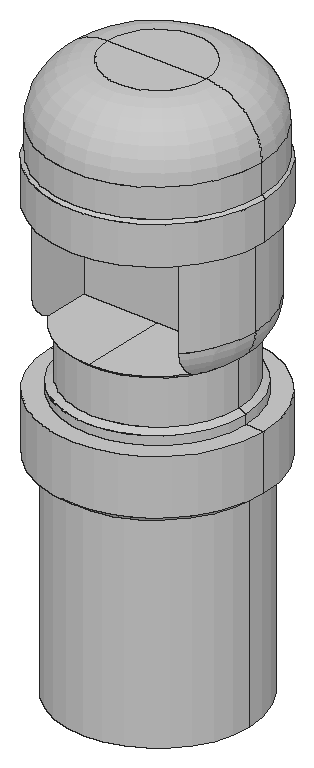
Revit family "HL_Вентиляционный клапан_HL904", category Příslušenství trubek, Revit 2016
Family settings
  Typ součásti = Ventil – zalomení do
  Kóta kulaté spojky = Použít průměr
  Číslo OmniClass = 23.70.50.21
  Nadpis OmniClass = Liquid Waste Collection and Removal
  Založené na pracovní rovině = Ne
  Vždy vertikální = Ano
  Ořezat dutým tvarem při načtení = Ne
  Sdílené = Ne
Parameters (values of type "HL_Вентиляционный клапан_HL904")
  РАЗМЕР = "DN32/40/50"
  ПРОПУСКНАЯ СПОСОБНОСТЬ = 0.0 m³/h
  ПРОИЗВОДИТЕЛЬНОСТЬ = "5,5 l/s"
  ПРАВОВАЯ ИНФОРМАЦИЯ = "\"Авторские права(©), права на дизайн или какие либо другие права интелектуальной собственности являются исключительной собственностью компании HL Hutterer & Lechner. Изменению не подлежит. Файл семейства с данными о прозводителе изделия защищен паролем с водяным знаком.\""
  НОМИНАЛЬНЫЙ ДИАМЕТР [instance] = 50 mm
  МАТЕРИАЛ = "PP"
  ВЕС = "0,075 kg"
  x [instance] = if(НОМИНАЛЬНЫЙ ДИАМЕТР = 50 mm, 5 mm, if(НОМИНАЛЬНЫЙ ДИАМЕТР = 32 mm, 5 mm, if(НОМИНАЛЬНЫЙ ДИАМЕТР = 40 mm, 5 mm, -10 mm)))  # 5 mm
  b [instance] = DN50  # yes
  a [instance] = if(НОМИНАЛЬНЫЙ ДИАМЕТР = 50 mm, 153 mm, 97 mm)  # 153 mm
  Výrobce = "HL Hutterer & Lechner GmbH"
  URL = "http://www.hutterer-lechner.com/ru/products/catalog/roof-drains/HL904.aspx"
  Popis = "Вентиляционный клапан"
  Model = "HL904"
  материал = Plactic - Gray
  Komentáře k typům = "Вентиляционный клапан DN40"
  Keynote = "HL904"
  EAN = "9003076909049"
  DN50 [instance] = НОМИНАЛЬНЫЙ ДИАМЕТР = 50 mm  # yes
  DN40 [instance] = НОМИНАЛЬНЫЙ ДИАМЕТР = 40 mm  # no
  DN32 [instance] = НОМИНАЛЬНЫЙ ДИАМЕТР = 32 mm  # no
  Cena = 0
Reference planes
  plane 1 "Střed (vpředu/vzadu)": y = 0
  plane 2: z = 0
  plane 3 "Střed (vlevo/vpravo)": x = 0
  plane 4: z = 97
Forms (mm)
  Revolve 1, solid, material "Plactic - Gray" <- "материал", detail levels fine
    sketch origin (0, 0, 0) x (1, 0, 0) y (0, 0, 1)
      loop
        line (0, 97) -> (0, 0) -> (23.874, 0) -> (23.874, 19.25) -> (22.016, 20.323) -> (22.016, 32.239)
        arc (22.016, 32.239) -> (25.341, 35.772) -> (26.576, 40.464) r 9.848
        line (26.576, 40.464) -> (26.576, 63.02) -> (29.052, 63.02) -> (29.052, 73.366) -> (28.248, 74.17) -> (28.248, 82.021)
        arc (28.248, 82.021) -> (23.86, 92.613) -> (13.269, 97) r 14.979
        line (13.269, 97) -> (0, 97)
      axis (0, 0) -> (0, 97)
    angle from 0 to 360
  Extrusion 2, void
    sketch origin (0, 0, 0) x (1, 0, 0) y (0, 0, 1)
      loop
        line (-19.849, 63.02) -> (-19.849, 33.22) -> (0, 33.22) -> (19.849, 33.22) -> (19.849, 63.02) -> (0, 63.02) -> (-19.849, 63.02)
    from 0 to 100
  Revolve 3, solid, material "Plactic - Gray" <- "материал", detail levels fine
    sketch origin (0, 0, 0) x (1, 0, 0) y (0, 0, 1)
      loop
        line (23.874, 17) -> (23.874, 0) -> (26.116, 0) -> (28.874, 2) -> (28.874, 17) -> (23.874, 17)
      axis (0, 17) -> (0, 0)
    angle from 0 to 360
  Revolve 4, solid, material "Plactic - Gray" <- "материал", visible <- "b", detail levels fine
    sketch origin (0, 0, 0) x (1, 0, 0) y (0, 0, 1)
      loop
        line (0, 0) -> (0, -56) -> (25, -56) -> (25, 0) -> (0, 0)
      axis (0, 0) -> (0, -56)
    angle from 0 to 360
Cuts and joins
  Extrusion 2 cuts Revolve 1
Lines and regions (mm)
  reference lines
    curve 1: line (0, 0, 97) -> (0, 0, -56)
  model lines, detail levels coarse+medium
    curve 2: line (50, 0, 47) -> (0, 0, 97)
    curve 3: line (-50, 0, 47) -> (0, 0, 97)
    curve 4: line (0, 0, 32.239) -> (0, 0, 0)
  model lines, visible <- "b", detail levels coarse+medium
    curve 5: line (0, 0, 0) -> (0, 0, -56)
  symbolic lines, detail levels coarse+medium
    curve 6: line (0, -35, 0) -> (-35, 0, 0)
    curve 7: line (0, -35, 0) -> (35, 0, 0)
Dimensions and locks
  plane 4 to plane 2 = 97 mm
  "a": plane 4 to curve 1
  "x": Revolve 3 sketch curve to Revolve 3 sketch curve
  aligned and locked: level to plane 2
  aligned and locked: plane 4 to curve 1
Automatic sketch dimensions
  Revolve 1 sketch curve to plane 3 "Střed (vlevo/vpravo)" = 0 mm  (x2)
  Revolve 1 sketch curve to plane 4 = 0 mm
  Revolve 1 sketch curve to level = 0 mm
  plane 3 "Střed (vlevo/vpravo)" to Revolve 1 sketch curve = 13.269 mm
  plane 3 "Střed (vlevo/vpravo)" to Revolve 1 sketch curve = 16.728 mm
  Revolve 1 sketch curve to Revolve 1 sketch curve = 5.289 mm
  Revolve 1 sketch curve to Revolve 1 sketch curve = 1.857 mm
  Revolve 1 sketch curve to Revolve 1 sketch curve = 4.559 mm
  Revolve 1 sketch curve to Revolve 1 sketch curve = 1.672 mm
  Revolve 1 sketch curve to Revolve 1 sketch curve = 2.476 mm
  level to Revolve 1 sketch curve = 19.25 mm
  Revolve 1 sketch curve to Revolve 1 sketch curve = 1.072 mm
  Revolve 1 sketch curve to Revolve 1 sketch curve = 11.916 mm
  Revolve 1 sketch curve to Revolve 1 sketch curve = 8.225 mm
  Revolve 1 sketch curve to Revolve 1 sketch curve = 19.001 mm
  Revolve 1 sketch curve to Revolve 1 sketch curve = 8.656 mm
  Revolve 1 sketch curve to Revolve 1 sketch curve = 0.804 mm
  Revolve 1 sketch curve to Revolve 1 sketch curve = 0.68 mm
  plane 4 to Revolve 1 sketch curve = 9.32 mm
  Extrusion 2 sketch curve to plane 3 "Střed (vlevo/vpravo)" = 0 mm  (x2)
  Extrusion 2 sketch curve to plane 3 "Střed (vlevo/vpravo)" = 19.849 mm
  plane 3 "Střed (vlevo/vpravo)" to Extrusion 2 sketch curve = 19.849 mm
  level to Extrusion 2 sketch curve = 33.22 mm
  Extrusion 2 sketch curve to Extrusion 2 sketch curve = 29.8 mm
  Revolve 4 sketch curve to level = 0 mm
  Revolve 4 sketch curve to plane 3 "Střed (vlevo/vpravo)" = 0 mm  (x2)
  Revolve 4 sketch curve to Revolve 4 sketch curve = 25 mm
  Revolve 4 sketch curve to level = 56 mm
  Revolve 4 sketch curve to Revolve 4 sketch curve = 55 mm
  Revolve 4 sketch curve to Revolve 4 sketch curve = 32.743 mm
  curve 2 to plane 3 "Střed (vlevo/vpravo)" = 0 mm
  curve 4 to plane 3 "Střed (vlevo/vpravo)" = 0 mm
  curve 5 to level = 0 mm
  curve 3 to plane 4 = 0 mm
  curve 3 to plane 3 "Střed (vlevo/vpravo)" = 50 mm
  plane 3 "Střed (vlevo/vpravo)" to curve 2 = 50 mm
  curve 5 to curve 5 = 56 mm
  level to curve 4 = 32.239 mm
  level to curve 3 = 47 mm
  plane 1 "Střed (vpředu/vzadu)" to curve 6 = 0 mm
  curve 7 to plane 3 "Střed (vlevo/vpravo)" = 0 mm
  plane 1 "Střed (vpředu/vzadu)" to curve 7 = 0 mm
  plane 1 "Střed (vpředu/vzadu)" to curve 6 = 35 mm
  curve 6 to plane 3 "Střed (vlevo/vpravo)" = 35 mm
  curve 1 to plane 3 "Střed (vlevo/vpravo)" = 0 mm
  Revolve 3 sketch curve to plane 3 "Střed (vlevo/vpravo)" = 0 mm
  Revolve 3 sketch curve to level = 0 mm
  plane 3 "Střed (vlevo/vpravo)" to Revolve 3 sketch curve = 23.874 mm
  Revolve 3 sketch curve to Revolve 3 sketch curve = 2.243 mm
  level to Revolve 3 sketch curve = 2 mm
  Revolve 3 sketch curve to Revolve 3 sketch curve = 15 mm
  Revolve 3 sketch curve to level = 21.914 mm
  Revolve 3 sketch curve to Revolve 3 sketch curve = 25 mm
Connectors
  piping at (0, 0, -56), diameter 50, driven by "ПРОПУСКНАЯ СПОСОБНОСТЬ", driven by "НОМИНАЛЬНЫЙ ДИАМЕТР"
    settings: on curve 1, index 1, connector inside diameter 609.6 mm, connector length 0 mm, flow factor 0, pipe flow 0.0 m³/h, pressure drop 0.0 Pa, fitting loss kfactor 0, connector angle 0.00°, fixture units 0, engagement length 0 mm, angle of deflection 0.00°, flow configuration 0, flow direction 0, fitting loss method 0, system type 19, joint type 0, gender type 0, connector reference index -1, connector utility 0, adjustable connector no, is connector primary yes, connector description ""
